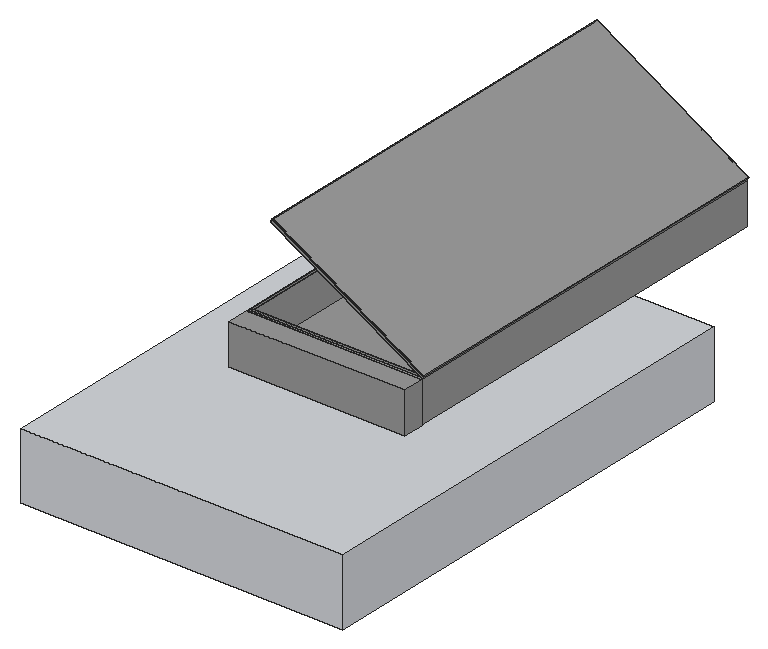
Revit family "Hager-Univers-IP54-D205-H1950-Cl.II-Encl-CH-fr", category Equipement électrique, Revit 2020
Family settings
  Hôte = Face
  Configuration du panneau = Deux colonnes, circuits au sein
  Cote de connecteur circulaire = Utiliser le diamètre
  Type d'élément = Tableau de raccordement
  Couper avec des vides une fois chargée = Non
  Partagée = Non
  Point de calcul de pièce = Non
Parameters (values of type "installation au sol IP54 L800 H1950 P205  - FP23SW2")
  Width Control [instance] = if([EF000008 - largeur] > Min Width, [EF000008 - largeur], Min Width)  # 800 mm
  Commentaires du type = [HG000003 - Gamme]  # "Univers"
  Thickness Door [instance] = if([EF009171 - épaisseur de matériau de la porte/du couvercle] > 3 mm, 3 mm, [EF009171 - épaisseur de matériau de la porte/du couvercle])  # 1 mm
  Seal Frame Offset [instance] = 17 mm  # constant formula
  Plinth Visibility [instance] = [HG000027 - Hauteur du socle] > 0 mm  # yes
  Model = ""
  Min Width [instance] = 100 mm  # constant formula
  Min Height [instance] = 100 mm  # constant formula
  Min Depth [instance] = (2 * [EF009170 - épaisseur de matériau du boîtier]) + 1 mm  # 3 mm
  Internal Frame Depth [instance] = (Door System Depth * 0.5)  # 9 mm
  Height Control [instance] = if([EF000040 - hauteur] > Min Height, [EF000040 - hauteur], Min Height)  # 1950 mm
  HG000027 - Hauteur du socle = 100 mm
  HG000026 - Installation au sol = yes
  HG000024 - Hauteur de la section basse = 800 mm
  HG000023 - Armoire double section = no
  HG000016 - Visibilité de la porte 3D [instance] = yes
  HG000015 - Visibilité de l'emprise de la porte [instance] = no
  HG000014 - Porte à droite [instance] = yes
  HG000013 - Porte à gauche [instance] = not([HG000014 - Porte à droite])  # no
  HG000012 - Angle de pivotement de la porte [instance] = 30.00°
  HG000010 - Portes asymétriques = no
  HG000009 - Porte à double battant = no
  HG000006 - Encastré = no
  HG000004 - Référence fabricant = "FP23SW2"
  HG000003 - Gamme = "Univers"
  HG000002 - avec porte = yes
  Frame Offset Bottom [instance] = 10 mm  # constant formula
  Frame Offset [instance] = 15 mm  # constant formula
  EF015940 - couvercle avec décharge de pression = no
  EF011959 - degré de protection (NEMA) = ""
  EF009554 - nombre d'ouvertures pour plaques à bride = 6
  Fabricant = "Hager"  # constant formula
  EF009212 - finition du couvercle = "EV000116 - fermé"
  EF009171 - épaisseur de matériau de la porte/du couvercle = 1 mm
  EF009170 - épaisseur de matériau du boîtier = 1 mm
  EF008873 - courant nominal (In) = 400 A
  EF007800 - adapté à un parafoudre = no
  EF006306 - avec serrure = no
  EF006244 - couvercle/porte transparent(e) = no
  EF005474 - indice de protection (IP) = "EV006419 - IP54"
  EF004464 - type de porte = "EV002646 - unique"
  EF004427 - nombre de modules = 432
  EF004293 - indice de protection contre les chocs (IK) = "EV006815 - IK09"
  EF003532 - convient pour utilisation à l’extérieur = no
  EF002950 - largeur en nombre de modules = 36
  EF001613 - maintien de fonction = "EV000494 - sans"
  EF001596 - matériau du boîtier/corps = "EV000179 - acier"
  EF001131 - profondeur intérieure = 143 mm
  EF001088 - possibilité de montage en saillie = yes
  EF000437 - nombre d'entrées de conduit = 6
  EF000339 - type de capot = "EV001012 - couvercle"
  EF000266 - nombre de rangées = 12
  EF000218 - profondeur d'encastrement = 0 mm
  EF000118 - avec cadre/support de montage = no
  EF000116 - numéro RAL = "9010"
  EF000049 - profondeur = 205 mm
  EF000040 - hauteur = 1950 mm
  EF000008 - largeur = 800 mm
  EF000007 - couleur = "EV000202 - blanc"
  EF000003 - mode de pose = "EV012274 - installation au sol"
  Door System Leaf Tolerance [instance] = 1.5 mm  # constant formula
  Door System Depth [instance] = 18 mm  # constant formula
  Door Height [instance] = Height Control - [HG000027 - Hauteur du socle]  # 1850 mm
  Depth Control [instance] = if([EF000049 - profondeur] > Min Depth, [EF000049 - profondeur], Min Depth)  # 205 mm
  Default Elevation = 0 mm
  Connector Offset [instance] = Height Control / 2  # 975 mm
  Bottom Top Plate Trim [instance] = 1.5 mm  # constant formula
  Plinth height Ctrl [instance] = if([HG000027 - Hauteur du socle] > 0 mm, [HG000027 - Hauteur du socle], 12 mm)  # 100 mm
Types (5, lengths in mm): name | Width Control | HG000010 - Portes asymétriques | HG000009 - Porte à double battant | HG000004 - Référence fabricant | EF009554 - nombre d'ouvertures pour plaques à bride | EF008873 - courant nominal (In) | EF004464 - type de porte | EF004427 - nombre de modules | EF002950 - largeur en nombre de modules | EF001131 - profondeur intérieure | EF000437 - nombre d'entrées de conduit | EF000008 - largeur
  installation au sol IP54 L1050 H1950 P205  - FP24SW2 | 1050 | no | yes | "FP24SW2" | 8 | 400 A | "EV003602 - double" | 576 | 48 | 143 | 8 | 1050
  installation au sol IP54 L1300 H1950 P205  - FP25SW2 | 1300 | yes | yes | "FP25SW2" | 10 | 400 A | "EV003602 - double" | 720 | 60 | 130 | 10 | 1300
  installation au sol IP54 L300 H1950 P205  - FP21SW2 | 300 | no | no | "FP21SW2" | 2 | 250 A | "EV002646 - unique" | 144 | 12 | 143 | 2 | 300
  installation au sol IP54 L550 H1950 P205  - FP22SW2 | 550 | no | no | "FP22SW2" | 4 | 400 A | "EV002646 - unique" | 288 | 24 | 143 | 4 | 550
  installation au sol IP54 L800 H1950 P205  - FP23SW2 | 800 | no | no | "FP23SW2" | 6 | 400 A | "EV002646 - unique" | 432 | 36 | 143 | 6 | 800
Reference planes
  plane 1 "Center (Front/Back)": y = 0
  plane 2: z = 0
  plane 3 "Center (Left/Right)": x = 0
  plane 4: z = 205
  plane 5: y = 101
  plane 6: y = 1025
  plane 7: y = 100
  plane 8: y = 1950
  plane 9: z = 0
  plane 10: x = -385
  plane 11: x = 385
  plane 12: x = 384
  plane 13: x = -384
  plane 14: y = 1949
  plane 15: x = -383
  plane 16: x = -400
  plane 17: x = 383
  plane 18: x = 400
  plane 19: x = 399
  plane 20: x = -399
  plane 21: y = 111
  plane 22: y = 1950
  plane 23: y = 1934
  plane 24: z = 187
  plane 25: z = 1
  plane 26: z = 186
  plane 27: z = 204
Forms (mm)
  Extrusion 1, solid
    sketch origin (0, 0, 0) x (1, 0, 0) y (0, 1, 0)
      loop
        line (-702.964, 1305) -> (-702.964, -811.445) -> (766.763, -811.445) -> (766.763, 1305) -> (-702.964, 1305)
    from 0 to -304.8
  Extrusion 2, solid, material "Hager_Steel_RAL7035_Light_Grey", visible <- "Plinth Visibility", detail levels medium+fine
    sketch origin (0, 0, 0) x (1, 0, 0) y (0, 1, 0)
      loop
        line (-400, 0) -> (400, 0) -> (400, 100) -> (-400, 100) -> (-400, 0)
    from 0 to 187
  Extrusion 3, solid, material "Hager_Steel_RAL7035_Light_Grey", detail levels medium+fine
    sketch origin (0, 0, 0) x (1, 0, 0) y (0, 1, 0)
      loop
        line (-400, 100) -> (400, 100) -> (400, 1950) -> (-400, 1950) -> (-400, 100)
    from 0 to 187
  Extrusion 4, void
    sketch origin (0, 0, 0) x (1, 0, 0) y (0, 1, 0)
      loop
        line (-399, 101) -> (399, 101) -> (399, 1949) -> (-399, 1949) -> (-399, 101)
    from 1 to 186
  Extrusion 5, void
    sketch origin (-381.607, -4572, 187) x (0, -1, 0) y (-1, 0, 0)
      loop
        line (-4683, 2.393) -> (-6506, 2.393) -> (-6506, -765.607) -> (-4683, -765.607) -> (-4683, 2.393)
    from 0 to 1 <- "EF009170 - épaisseur de matériau du boîtier"
  Extrusion 6, solid, material "Hager_Steel_RAL7035_Light_Grey", detail levels fine
    sketch origin (0, 0, 187) x (1, 0, 0) y (0, 1, 0)
      loop
        line (-384, 1934) -> (-384, 111) -> (384, 111) -> (384, 1934) -> (-384, 1934)
      loop
        line (-385, 110) -> (385, 110) -> (385, 1935) -> (-385, 1935) -> (-385, 110)
    from 0 to 9 <- "Internal Frame Depth"
  Extrusion 7, solid, material "Hager_Steel_RAL7035_Light_Grey", detail levels coarse
    sketch origin (0, 0, 0) x (1, 0, 0) y (0, 1, 0)
      loop
        line (-400, 0) -> (400, 0) -> (400, 1950) -> (-400, 1950) -> (-400, 0)
    from 0 to 205
  Sweep 8, void
    path in 3D
      loop
        line (-400, 100, 0) -> (400, 100, 0) -> (400, 100, 187) -> (-400, 100, 187) -> (-400, 100, 0)
    profile origin (-400, 100, 93.5) x (-1, 0, 0) y (0, -1, 0)
      loop
        line (0, 0) -> (0, 1.5) -> (-1.5, 1.5)
        arc (-1.5, 1.5) -> (-1.061, 0.439) -> (0, 0) r 1.5
Cuts and joins
  Extrusion 4, Extrusion 5 cuts Extrusion 3
  Sweep 8 cuts Extrusion 2
Lines and regions (mm)
  Masking region 1
    outline origin (0, 0, 0) x (1, 0, 0) y (0, 0, 1)
      loop
        line (-400, 205) -> (-400, 0) -> (400, 0) -> (400, 205) -> (-400, 205)
  Masking region 2, detail levels medium+fine
    outline origin (0, 140, 0) x (0, 1, 0) y (0, 0, 1)
      loop
        line (-40, 0) -> (1810, 0) -> (1810, 187) -> (-40, 187) -> (-40, 0)
  Masking region 3, not visible, detail levels medium+fine
    outline origin (0, 297.922, 0) x (0, 1, 0) y (0, 0, 1)
      loop
        line (738.578, 0) -> (778.578, 0) -> (778.578, 194)
        arc (778.578, 194) -> (775.649, 201.071) -> (768.578, 204) r 10
        line (768.578, 204) -> (738.578, 204) -> (738.578, 0)
  Masking region 4, detail levels coarse
    outline origin (0, 0, 180) x (0, 1, 0) y (0, 0, 1)
      loop
        line (0, -180) -> (1950, -180) -> (1950, 25) -> (0, 25) -> (0, -180)
  Masking region 5, visible <- "Plinth Visibility", detail levels medium+fine
    outline origin (0, 52.24, 12.345) x (0, 0, -1) y (0, 1, 0)
      loop
        line (10.845, 47.76) -> (-173.155, 47.76)
        arc (-173.155, 47.76) -> (-173.594, 46.699) -> (-174.655, 46.26) r 1.5
        line (-174.655, 46.26) -> (-174.655, -52.24) -> (12.345, -52.24) -> (12.345, 46.26)
        arc (12.345, 46.26) -> (11.285, 46.699) -> (10.845, 47.76) r 1.5
  Masking region 6, detail levels medium+fine
    outline origin (-381.607, -4572, 187) x (-1, 0, 0) y (0, -1, 0)
      loop
        line (18.393, -6522) -> (18.393, -4672) -> (-781.607, -4672) -> (-781.607, -6522) -> (18.393, -6522)
  Masking region 7, visible <- "Plinth Visibility", detail levels medium+fine
    outline origin (-381.607, -4727, 187) x (-1, 0, 0) y (0, -1, 0)
      loop
        arc (16.893, -4827) -> (17.332, -4825.939) -> (18.393, -4825.5) r 1.5
        line (18.393, -4825.5) -> (18.393, -4727) -> (-781.607, -4727) -> (-781.607, -4825.5)
        arc (-781.607, -4825.5) -> (-780.546, -4825.939) -> (-780.107, -4827) r 1.5
        line (-780.107, -4827) -> (16.893, -4827)
  Masking region 8, detail levels coarse
    outline origin (-442.548, -4669.526, 187) x (-1, 0, 0) y (0, -1, 0)
      loop
        line (-42.548, -6619.526) -> (-42.548, -4669.526) -> (-842.548, -4669.526) -> (-842.548, -6619.526) -> (-42.548, -6619.526)
  sketch lines
    curve 1: line (-400, 100, 187) -> (-400, 100, 0)
    curve 2: line (400, 100, 187) -> (-400, 100, 187)
    curve 3: line (400, 100, 187) -> (400, 100, 0)
    curve 4: line (-400, 100, 0) -> (400, 100, 0)
Dimensions and locks
  "Depth Control": plane 4 to Extrusion 1
  "HG000027 - Hauteur du socle": plane 1 "Center (Front/Back)" to plane 7
  "EF009170 - épaisseur de matériau du boîtier": plane 5 to plane 7
  locked: connector elem to plane 3 "Center (Left/Right)"
  equal spacing: plane 8, plane 6, plane 7
  locked: connector elem to plane 6
  "EF009170 - épaisseur de matériau du boîtier": plane 8 to plane 14
  "EF009170 - épaisseur de matériau du boîtier": plane 10 to plane 13
  "EF009170 - épaisseur de matériau du boîtier": plane 12 to plane 11
  "Frame Offset": plane 20 to plane 13
  "Frame Offset": plane 12 to plane 19
  "EF009170 - épaisseur de matériau du boîtier": plane 16 to plane 20
  "EF009170 - épaisseur de matériau du boîtier": plane 19 to plane 18
  "Seal Frame Offset": plane 16 to plane 15
  "Seal Frame Offset": plane 17 to plane 18
  "Frame Offset Bottom": plane 21 to plane 5
  "Frame Offset": plane 14 to plane 23
  equal spacing: plane 16, plane 3 "Center (Left/Right)", plane 18
  "Width Control": plane 16 to plane 18
  "EF009170 - épaisseur de matériau du boîtier": plane 4 to plane 27
  "EF009170 - épaisseur de matériau du boîtier": plane 24 to plane 26
  "EF009170 - épaisseur de matériau du boîtier": plane 25 to level
  "Door System Depth": plane 4 to plane 24
  "Height Control": plane 1 "Center (Front/Back)" to Extrusion 7 sketch curve
  "Height Control": Masking region 4 sketch curve to plane 1 "Center (Front/Back)"
  "Height Control": plane 1 "Center (Front/Back)" to plane 22
  "Bottom Top Plate Trim": profile plane to Sweep 8 sketch curve
  "Bottom Top Plate Trim": Sweep 8 sketch curve to profile plane
  "Plinth height Ctrl": plane 1 "Center (Front/Back)" to Extrusion 2 sketch curve
  "Plinth height Ctrl": Masking region 5 sketch curve to plane 1 "Center (Front/Back)"
  "Plinth height Ctrl": plane 1 "Center (Front/Back)" to Masking region 7 sketch curve
  "Thickness Door": Extrusion 6 sketch curve to Extrusion 6 sketch curve  (x3)
  "Thickness Door": cut or joined group of Extrusion 3, Extrusion 4, Extrusion 5 to Extrusion 6 sketch curve
  radius of Masking region 3 sketch curve = 10 mm
  "Bottom Top Plate Trim": radius of Masking region 5 sketch curve  (x2)
  "Bottom Top Plate Trim": radius of Sweep 8 sketch curve
  "Bottom Top Plate Trim": radius of Masking region 7 sketch curve  (x2)
  aligned and locked: plane 2 to Extrusion 1
  aligned and locked: level to Extrusion 1
  aligned and locked: level to Masking region 1 sketch curve
  aligned and locked: Masking region 1 sketch curve to plane 18
  aligned and locked: Masking region 1 sketch curve to plane 16
  aligned and locked: plane 7 to Masking region 2 sketch curve
  aligned and locked: level to Masking region 3 sketch curve
  aligned and locked: Masking region 3 sketch curve to plane 27
  aligned and locked: level to Masking region 2 sketch curve
  aligned and locked: plane 1 "Center (Front/Back)" to Extrusion 2 sketch curve
  aligned and locked: Extrusion 3 sketch curve to plane 7
  aligned and locked: plane 16 to Extrusion 3 sketch curve
  aligned and locked: plane 18 to Extrusion 3 sketch curve
  aligned and locked: plane 20 to Extrusion 4 sketch curve
  aligned and locked: plane 19 to Extrusion 4 sketch curve
  aligned and locked: Extrusion 4 sketch curve to plane 5
  aligned and locked: Extrusion 4 to plane 25
  aligned and locked: plane 26 to Extrusion 4
  aligned and locked: plane 24 to Extrusion 3
  aligned and locked: Extrusion 5 sketch curve to plane 21
  aligned and locked: Extrusion 5 sketch curve to plane 13
  aligned and locked: Extrusion 5 sketch curve to plane 12
  aligned and locked: plane 18 to Extrusion 7 sketch curve
  aligned and locked: plane 1 "Center (Front/Back)" to Extrusion 7 sketch curve
  aligned and locked: plane 16 to Extrusion 7 sketch curve
  aligned and locked: plane 4 to Extrusion 7
  aligned and locked: Extrusion 7 to level
  aligned and locked: level to Masking region 4 sketch curve
  aligned and locked: Masking region 4 sketch curve to plane 1 "Center (Front/Back)"
  aligned and locked: Masking region 4 sketch curve to plane 4
  aligned and locked: nested 1 to level
  aligned and locked: nested 1 to plane 16
  aligned and locked: plane 8 to Extrusion 3 sketch curve
  aligned and locked: plane 23 to Extrusion 5 sketch curve
  aligned and locked: plane 14 to Extrusion 4 sketch curve
  aligned and locked: Masking region 2 sketch curve to plane 8
  aligned and locked: level to Masking region 5 sketch curve
  aligned and locked: plane 16 to Extrusion 2 sketch curve
  aligned and locked: plane 18 to Extrusion 2 sketch curve
  aligned and locked: Masking region 5 sketch curve to plane 24
  aligned and locked: Masking region 2 sketch curve to plane 24
  aligned and locked: plane 24 to Extrusion 2
  aligned and locked: profile plane to Sweep 8 sketch curve  (x2)
  aligned and locked: Masking region 6 sketch curve to plane 18
  aligned and locked: Masking region 6 sketch curve to plane 22
  aligned and locked: Masking region 6 sketch curve to plane 16
  aligned and locked: plane 8 to plane 22
  aligned and locked: Masking region 6 sketch curve to plane 7
  aligned and locked: Masking region 7 sketch curve to plane 16
  aligned and locked: Masking region 7 sketch curve to plane 1 "Center (Front/Back)"
  aligned and locked: Masking region 7 sketch curve to plane 18
  aligned and locked: Masking region 8 sketch curve to plane 1 "Center (Front/Back)"
  aligned and locked: Masking region 8 sketch curve to plane 18
  aligned and locked: Masking region 8 sketch curve to plane 22
  aligned and locked: Masking region 8 sketch curve to plane 16
  aligned and locked: nested 2 to plane 7
  aligned and locked: plane 3 "Center (Left/Right)" to nested 2
  aligned and locked: nested 2 to plane 24
  aligned and locked: Extrusion 6 sketch curve to cut or joined group of Extrusion 3, Extrusion 4, Extrusion 5  (x4)
Automatic sketch dimensions
  Extrusion 1 sketch curve to Extrusion 1 sketch curve = 1469.727 mm
  Extrusion 1 sketch curve to Extrusion 1 sketch curve = 2116.445 mm
  Masking region 1 sketch curve to plane 4 = 0 mm
  plane 6 to Masking region 3 sketch curve = 11.5 mm
  Masking region 3 sketch curve to Masking region 3 sketch curve = 30 mm
  Masking region 5 sketch curve to plane 1 "Center (Front/Back)" = 0 mm
Nested families
  nested 1: "Hager_Enclosure_Symbol" at (-400, 0, 0) x (1, 0, 0) z (0, -1, 0), Height <- "Depth Control", Width <- "Width Control", type "Hager_Enclosure_Symbol"
    with Width_Ctrl 800 mm, Width 800 mm, Height_Ctrl 205 mm, Height 205 mm, A_Width_Int 13.453 mm, A_Width 161.438 mm, A_Height_Ctrl 179.375 mm, A_Height 179.375 mm
  nested 2: "EC000058_Univers_Door" at (0, 100, 187) x (1, 0, 0) z (0, 1, 0), Leaf_Tolerance <- "Door System Leaf Tolerance", Angle <- "HG000012 - Angle de pivotement de la porte", Door_Depth <- "Door System Depth", Door_Left <- "HG000013 - Porte à gauche", Transparent <- "EF006244 - couvercle/porte transparent(e)", Assymetrical <- "HG000010 - Portes asymétriques", Width <- "Width Control", Clearance <- "HG000015 - Visibilité de l'emprise de la porte", Double <- "HG000009 - Porte à double battant", 3d_Door <- "HG000016 - Visibilité de la porte 3D", Lock_Visibility <- "EF006306 - avec serrure", Width_Ctrl <- "Width Control", Door_Right <- "HG000014 - Porte à droite", Door <- "HG000002 - avec porte", Height <- "Door Height", Thickness <- "Thickness Door", type "EC000058_Univers_Door", detail levels medium+fine
    with min_wh 3 mm, Width_Ctrl 800 mm, Width 800 mm, Transparent no, Thickness 1 mm, Seal_Material Hager_Rubber, Lock_Visibility no, Lock_Material Hager_Plastic_RAL9005_Jet_Black, Leaf_Width 800 mm, Leaf_Tolerance_External_Sides 0 mm, Leaf_Tolerance 1.5 mm, Leaf_Offset 0 mm, Leaf_Height 1847 mm, Leaf_2_Width 800 mm, Leaf_2_Offset 400 mm, Leaf_1_Width 800 mm, Leaf_1_Offset 400 mm, Height_Ctrl 1850 mm, Height 1850 mm, Glass_Material Hager_Glass, Double_Clearance_Ctrl no, Double no, Door_Right_Ctrl yes, Door_Right yes, Door_Material Hager_Steel_RAL7035_Light_Grey, Door_Left_Ctrl no, Door_Left no, Door_Depth 18 mm, Door yes, Clearance_Material Hager_Clearance, Clearance_Depth 800 mm, Clearance_Ctrl no, Clearance no, Assymetrical no, Angle 30.00°, 3d_Door yes
Connectors
  electrical at (0, 1025, 0)
    settings: on plane 9, index 1, voltage 0 V, apparent load 0 VA, apparent load phase1 0 VA, apparent load phase2 0 VA, apparent load phase3 0 VA, power factor 1, load classification "Other", number of poles 1, system type 30, power factor state 1, is connector primary yes, connector utility no, sub classification motor no, connector description ""
Definition of nested family "EC000058_Univers_Door"
  Parameters (values of type "EC000058_Univers_Door")
    min_wh [instance] = (2 * Thickness) + 1 mm  # 11 mm
    Width_Ctrl [instance] = 400 mm
    Width [instance] = 500 mm
    Transparent [instance] = yes
    Thickness [instance] = 5 mm
    Seal_Material [instance] = none
    Lock_Visibility [instance] = yes
    Lock_Material [instance] = none
    Leaf_Width [instance] = if((Width_Ctrl - 2 * Leaf_Tolerance_External_Sides) > 0 mm, (Width_Ctrl - 2 * Leaf_Tolerance_External_Sides), min_wh)  # 400 mm
    Leaf_Tolerance_External_Sides [instance] = 0 mm  # constant formula
    Leaf_Tolerance [instance] = 1.5 mm
    Leaf_Offset [instance] = 0 mm  # constant formula
    Leaf_Height [instance] = if((Height_Ctrl - 2 * Leaf_Tolerance) > 0 mm, (Height_Ctrl - 2 * Leaf_Tolerance), min_wh)  # 497 mm
    Leaf_2_Width [instance] = if(and(and(Double, Assymetrical), Door_Left), (Leaf_Width / 3) - (Leaf_Tolerance / 2), if(and(and(Double, Assymetrical), Door_Right), (Leaf_Width / 3) * 2 - (Leaf_Tolerance / 2), if(and(Double, not(Assymetrical)), (Leaf_Width / 2) - Leaf_Tolerance, Leaf_Width)))  # 400 mm
    Leaf_2_Offset [instance] = if(and(Double, Assymetrical), Leaf_2_Width / 2, if(and(Double, not(Assymetrical)), Leaf_Width / 4, Leaf_Width / 2))  # 200 mm
    Leaf_1_Width [instance] = if(and(and(Double, Assymetrical), Door_Right), (Leaf_Width / 3) - (Leaf_Tolerance / 2), if(and(and(Double, Assymetrical), Door_Left), (Width / 3) * 2 - (Leaf_Tolerance / 2), if(and(Double, not(Assymetrical)), (Leaf_Width / 2) - Leaf_Tolerance, Leaf_Width)))  # 400 mm
    Leaf_1_Offset [instance] = if(and(Double, Assymetrical), Leaf_1_Width / 2, if(and(Double, not(Assymetrical)), Leaf_Width / 4, Leaf_Width / 2))  # 200 mm
    Height_Ctrl [instance] = if(Height > min_wh, Height, min_wh)  # 500 mm
    Height [instance] = 500 mm
    Glass_Material [instance] = none
    Double_Clearance_Ctrl [instance] = and(Double, Clearance)  # no
    Double [instance] = no
    Door_Right_Ctrl [instance] = and(or(Door_Right, Double), Door)  # yes
    Door_Right [instance] = yes
    Door_Material [instance] = none
    Door_Left_Ctrl [instance] = and(or(Door_Left, Double), Door)  # no
    Door_Left [instance] = no
    Door_Depth [instance] = 30 mm
    Door [instance] = yes
    Default Elevation = 1219.2 mm
    Clearance_Material [instance] = none
    Clearance_Depth [instance] = if(Leaf_1_Width > Leaf_2_Width, Leaf_1_Width, Leaf_2_Width)  # 400 mm
    Clearance_Ctrl [instance] = and(not(Double), Clearance)  # yes
    Clearance [instance] = yes
    Assymetrical [instance] = yes
    Angle [instance] = 30.00°
    3d_Door [instance] = yes
  Reference planes
    plane 1 "Center (Front/Back)": y = 0
    plane 2 "Bottom": z = 0
    plane 3 "Center (Left/Right)": x = 0
    plane 4: z = 500
    plane 5: x = -200
    plane 6: x = 200
    plane 7: z = 500
    plane 8: x = -200
    plane 9: z = 0
    plane 10: x = 200
    plane 11: y = 0
    plane 12: z = 1.5
    plane 13: x = -600
    plane 14: y = -400
    plane 15: x = 600
    plane 16: x = 0
    plane 17: x = 0
    plane 18: x = -200
    plane 19: x = 200
    plane 20: z = 498.5
  Forms (mm)
    Extrusion 1, solid, material <- "Clearance_Material", visible <- "Double_Clearance_Ctrl"
      sketch origin (1200, 0, 0) x (1, 0, 0) y (0, 0, -1)
        loop
          line (-1800, -498.5) -> (-600, -498.5) -> (-600, 0) -> (-1800, 0) -> (-1800, -498.5)
      from 0 to -400
  Dimensions and locks
    equal spacing: plane 5, plane 3 "Center (Left/Right)", plane 6
    "Width_Ctrl": plane 5 to plane 6
    "Leaf_Offset": plane 5 to plane 8
    "Leaf_Offset": plane 6 to plane 10
    "Leaf_Offset": plane 9 to level
    "Leaf_Offset": plane 4 to plane 7
    "Height_Ctrl": plane 4 to level
    "Leaf_Tolerance": plane 12 to plane 9
    locked: plane 11 to plane 1 "Center (Front/Back)"
    "Leaf_1_Offset": plane 18 to plane 16
    "Leaf_2_Offset": plane 17 to plane 19
    "Leaf_1_Width": plane 13 to plane 8
    "Leaf_2_Width": plane 10 to plane 15
    "Clearance_Depth": plane 14 to plane 1 "Center (Front/Back)"
    "Leaf_Tolerance_External_Sides": plane 8 to plane 18
    "Leaf_Tolerance_External_Sides": plane 19 to plane 10
    "Leaf_Tolerance": plane 7 to plane 20
    aligned and locked: level to plane 2 "Bottom"
    aligned and locked: nested 1 to plane 16
    aligned and locked: nested 2 to plane 17
    aligned and locked: Extrusion 1 to plane 13
    aligned and locked: plane 15 to Extrusion 1
    aligned and locked: Extrusion 1 to plane 14
    aligned and locked: plane 12 to nested 1
    aligned and locked: nested 2 to plane 12
    aligned and locked: Extrusion 1 to plane 11
    aligned and locked: plane 20 to Extrusion 1
    aligned and locked: nested 2 to plane 11
    aligned and locked: nested 1 to plane 11
  Automatic sketch dimensions
    Extrusion 1 sketch curve to level = 0 mm
    plane 5 to Extrusion 1 sketch curve = 400 mm
    plane 6 to Extrusion 1 sketch curve = 400 mm
    Extrusion 1 sketch curve to plane 4 = 1.5 mm
  Nested families
    nested 1: "EC000058_Univers_Door_Leaf" at (0, 0, 1.5), Width <- "Leaf_1_Width", visible <- "Door_Left_Ctrl", Leaf_Height <- "Leaf_Height", Angle <- "Angle", 3d_Door <- "3d_Door", Transparent <- "Transparent", Clearance Material <- "Clearance_Material", Clearance <- "Clearance_Ctrl", Door_Material <- "Door_Material", Glass_Material <- "Glass_Material", Door_Depth <- "Door_Depth", Lock_Material <- "Lock_Material", Seal_Material <- "Seal_Material", Lock_Visibility <- "Lock_Visibility", Thickness <- "Thickness", type "EC000058_Univers_Door_Leaf"
      with Width 400 mm, Transparent_Glass_Offset 30 mm, Transparent_Ctrl yes, Transparent yes, Thickness 5 mm, Standard no, Seal_Material none, Seal_D2 8 mm, Seal_D1 1 mm, Offset_Internal_Frame 10 mm, Lock_Width 20 mm, Lock_Visibility_3d yes, Lock_Visibility yes, Lock_Thickness_3 3 mm, Lock_Thickness_2 1 mm, Lock_Thickness_1 3 mm, Lock_Radius_Offset_2 16 mm, Lock_Radius_Offset_1 15 mm, Lock_Radius_2 5 mm, Lock_Radius 6 mm, Lock_Offset 5 mm, Lock_Material none, Lock_Height 80 mm, Lock_Cover_Top_Offset_2d 17 mm, Lock_Cover_Height -65 mm, Leaf_Height 497 mm, Internal_Seal_Thickness 8 mm, Internal_Seal_Depth_2 4.5 mm, Internal_Frame_Depth 25 mm, Glass_Thickness -1 mm, Glass_Offset -2 mm, Glass_Material none, Door_Material none, Door_Depth 30 mm, Clearance Material none, Clearance yes, Angle_Ctrl 30.00°, Angle 30.00°, 3d_Door yes
    nested 2: "EC000058_Univers_Door_Leaf" at (0, 0, 1.5) x (-1, 0, 0) z (0, 0, 1), Width <- "Leaf_2_Width", visible <- "Door_Right_Ctrl", Leaf_Height <- "Leaf_Height", Angle <- "Angle", 3d_Door <- "3d_Door", Transparent <- "Transparent", Clearance Material <- "Clearance_Material", Clearance <- "Clearance_Ctrl", Door_Material <- "Door_Material", Glass_Material <- "Glass_Material", Door_Depth <- "Door_Depth", Lock_Material <- "Lock_Material", Seal_Material <- "Seal_Material", Lock_Visibility <- "Lock_Visibility", Thickness <- "Thickness", type "EC000058_Univers_Door_Leaf"
      with Width 400 mm, Transparent_Glass_Offset 30 mm, Transparent_Ctrl yes, Transparent yes, Thickness 5 mm, Standard no, Seal_Material none, Seal_D2 8 mm, Seal_D1 1 mm, Offset_Internal_Frame 10 mm, Lock_Width 20 mm, Lock_Visibility_3d yes, Lock_Visibility yes, Lock_Thickness_3 3 mm, Lock_Thickness_2 1 mm, Lock_Thickness_1 3 mm, Lock_Radius_Offset_2 16 mm, Lock_Radius_Offset_1 15 mm, Lock_Radius_2 5 mm, Lock_Radius 6 mm, Lock_Offset 5 mm, Lock_Material none, Lock_Height 80 mm, Lock_Cover_Top_Offset_2d 17 mm, Lock_Cover_Height -65 mm, Leaf_Height 497 mm, Internal_Seal_Thickness 8 mm, Internal_Seal_Depth_2 4.5 mm, Internal_Frame_Depth 25 mm, Glass_Thickness -1 mm, Glass_Offset -2 mm, Glass_Material none, Door_Material none, Door_Depth 30 mm, Clearance Material none, Clearance yes, Angle_Ctrl 30.00°, Angle 30.00°, 3d_Door yes
  Definition of nested family "EC000058_Univers_Door_Leaf"
    Parameters (values of type "EC000058_Univers_Door_Leaf")
      Width [instance] = 2000 mm
      Transparent_Glass_Offset [instance] = 30 mm
      Transparent_Ctrl [instance] = and(Transparent, [3d_Door])  # yes
      Transparent [instance] = yes
      Thickness [instance] = 5 mm
      Standard [instance] = and(not(Transparent), [3d_Door])  # no
      Seal_Material [instance] = none
      Seal_D2 [instance] = 8 mm  # constant formula
      Seal_D1 [instance] = 1 mm  # constant formula
      Offset_Internal_Frame [instance] = 10 mm  # constant formula
      Lock_Width [instance] = 20 mm  # constant formula
      Lock_Visibility_3d [instance] = and(Lock_Visibility, [3d_Door])  # yes
      Lock_Visibility [instance] = yes
      Lock_Thickness_3 [instance] = 3 mm  # constant formula
      Lock_Thickness_2 [instance] = 1 mm  # constant formula
      Lock_Thickness_1 [instance] = 3 mm  # constant formula
      Lock_Radius_Offset_2 [instance] = Lock_Radius_Offset_1 + 1 mm  # 16 mm
      Lock_Radius_Offset_1 [instance] = 15 mm  # constant formula
      Lock_Radius_2 [instance] = Lock_Radius - 1 mm  # 5 mm
      Lock_Radius [instance] = 6 mm  # constant formula
      Lock_Offset [instance] = 5 mm  # constant formula
      Lock_Material [instance] = none
      Lock_Height [instance] = 80 mm  # constant formula
      Lock_Cover_Top_Offset_2d [instance] = Lock_Radius_Offset_2 + 1 mm  # 17 mm
      Lock_Cover_Height [instance] = -(Lock_Height - Lock_Radius_Offset_1)  # -65 mm
      Leaf_Height [instance] = 2720.336 mm
      Internal_Seal_Thickness [instance] = 8 mm  # constant formula
      Internal_Seal_Depth_2 [instance] = 4.5 mm  # constant formula
      Internal_Frame_Depth [instance] = if(Door_Depth - Thickness > 5 mm, Door_Depth - Thickness, 5 mm)  # 25 mm
      Glass_Thickness [instance] = if(Thickness > 15 mm, Glass_Offset + 10 mm, -1 mm)  # -1 mm
      Glass_Offset [instance] = if(Thickness > 15 mm, -(Thickness + 10 mm) / 2, -2 mm)  # -2 mm
      Glass_Material [instance] = none
      Door_Material [instance] = none
      Door_Depth [instance] = 30 mm
      Default Elevation = 0 mm
      Clearance Material [instance] = none
      Clearance [instance] = yes
      Angle_Ctrl [instance] = if(Angle > 180.00°, 180.00°, Angle)  # 90.00°
      Angle [instance] = 90.00°
      3d_Door [instance] = yes
    Reference planes
      plane 1 "Center (Front/Back)": y = 0
      plane 2: z = 0
      plane 3 "Center (Left/Right)": x = 0
      plane 4: y = 2000
      plane 5: x = -1000
      plane 6: x = 1000
      plane 7: x = -3000
      plane 8: z = 2720.336
      plane 9: z = 30
      plane 10: z = 2690.336
      plane 11: x = 970
      plane 12: x = -970
      plane 13: y = -3
      plane 14: z = 107.833
      plane 15: y = -5
      plane 16: y = -223.314
      plane 17: x = -1000
      plane 18: z = 1360.168
      plane 19: y = 30
    Forms (mm)
      Extrusion 1, solid, material <- "Clearance Material", visible <- "Clearance"
        sketch origin (0, 0, 0) x (1, 0, 0) y (0, 0, 1)
          loop
            line (-3000, 2720.336) -> (-3000, 0) -> (1000, 0) -> (1000, 2720.336) -> (-3000, 2720.336)
        from 0 to -2000
      Extrusion 2, solid, material <- "Door_Material", visible <- "Standard", detail levels medium+fine
        sketch origin (-1000, 0, 0) x (0, 1, 0) y (-1, 0, 0)
          loop
            line (0, 30) -> (0, 25) -> (2000, 25) -> (2000, 30) -> (0, 30)
        from 0 to 2720.336 <- "Leaf_Height"
      Extrusion 3, solid, material <- "Door_Material", visible <- "Transparent_Ctrl", detail levels medium+fine
        sketch origin (-1000, 0, 0) x (0, 1, 0) y (-1, 0, 0)
          loop
            line (0, 25) -> (2000, 25) -> (2000, 30) -> (0, 30) -> (0, 25)
        from 0 to 2720.336 <- "Leaf_Height"
      Extrusion 4, void
        sketch origin (-1025, 2000, 0) x (0, 1, 0) y (0, 0, -1)
          loop
            line (-30, -2690.336) -> (-30, -30) -> (-1970, -30) -> (-1970, -2690.336) -> (-30, -2690.336)
        from 0 to 5 <- "Thickness"
      Sweep 5, solid, material <- "Seal_Material", visible <- "Transparent_Ctrl", detail levels fine
        path in 3D
          loop
            line (-1025, 30, 30) -> (-1025, 30, 2690.336) -> (-1025, 1970, 2690.336) -> (-1025, 1970, 30) -> (-1025, 30, 30)
        profile origin (-1025, 1000, 30) x (1, 0, 0) y (0, 0, 1)
          loop
            line (0, 0) -> (0, -8) -> (1, -8) -> (1, 0) -> (0, 0)
      Extrusion 6, solid, material <- "Glass_Material", visible <- "Transparent_Ctrl", detail levels medium+fine
        sketch origin (-1030, 0, 0) x (0, 1, 0) y (0, 0, -1)
          loop
            line (1970, -2690.336) -> (1970, -30) -> (30, -30) -> (30, -2690.336) -> (1970, -2690.336)
        from -2 <- "Glass_Offset" to -1 <- "Glass_Thickness"
      Extrusion 7, solid, material <- "Door_Material", visible <- "3d_Door", detail levels medium+fine
        sketch origin (-1025, 2000, 0) x (0, -1, 0) y (0, 0, -1)
          loop
            line (0, -2720.336) -> (2000, -2720.336) -> (2000, 0) -> (0, 0) -> (0, -2720.336)
          loop
            line (1995, -5) -> (5, -5) -> (5, -2715.336) -> (1995, -2715.336) -> (1995, -5)
        from 0 to 25 <- "Internal_Frame_Depth"
      Sweep 8, solid, material <- "Seal_Material", visible <- "Transparent_Ctrl", detail levels fine
        path in 3D
          loop
            line (-1025, 0, 0) -> (-1025, 2000, 0) -> (-1025, 2000, 2720.336) -> (-1025, 0, 2720.336) -> (-1025, 0, 0)
        profile origin (-1025, 0, 1360.168) x (1, 0, 0) y (0, 1, 0)
          loop
            line (0, 10) -> (2.975, 10)
            arc (2.975, 10) -> (4.053, 10.447) -> (4.5, 11.525) r 1.525
            line (4.5, 11.525) -> (4.5, 16.527)
            arc (4.5, 16.527) -> (4.069, 17.569) -> (3.027, 18) r 1.473
            line (3.027, 18) -> (0, 18) -> (0, 10)
      Extrusion 9, solid, material <- "Lock_Material", visible <- "Lock_Visibility_3d", detail levels fine
        sketch origin (-1030, 0, 0) x (0, 1, 0) y (0, 0, -1)
          loop
            arc (1993.5, -1400.168) -> (1994.561, -1399.729) -> (1995, -1398.668) r 1.5
            line (1995, -1398.668) -> (1995, -1320.168) -> (1975, -1320.168) -> (1975, -1398.668)
            arc (1975, -1398.668) -> (1975.439, -1399.729) -> (1976.5, -1400.168) r 1.5
            line (1976.5, -1400.168) -> (1993.5, -1400.168)
        from 3 <- "Lock_Thickness_1" to 0
      Blend 10, solid, material <- "Lock_Material", visible <- "Lock_Visibility_3d", detail levels fine
        base sketch origin (-1033, 0, 0) x (0, 1, 0) y (0, 0, -1)
          loop
            line (1975, -1320.168) -> (1975, -1398.668)
            arc (1975, -1398.668) -> (1975.439, -1399.729) -> (1976.5, -1400.168) r 1.5
            line (1976.5, -1400.168) -> (1993.5, -1400.168)
            arc (1993.5, -1400.168) -> (1994.561, -1399.729) -> (1995, -1398.668) r 1.5
            line (1995, -1398.668) -> (1995, -1320.168) -> (1975, -1320.168)
        top sketch origin (-1033, 0, 0) x (0, 1, 0) y (0, 0, -1)
          loop
            line (1976, -1320.168) -> (1976, -1398.668)
            arc (1976, -1398.668) -> (1976.146, -1399.022) -> (1976.5, -1399.168) r 0.5
            line (1976.5, -1399.168) -> (1993.5, -1399.168)
            arc (1993.5, -1399.168) -> (1993.854, -1399.022) -> (1994, -1398.668) r 0.5
            line (1994, -1398.668) -> (1994, -1320.168) -> (1976, -1320.168)
        from 0 to 1 <- "Lock_Thickness_2"
      Blend 11, solid, material <- "Lock_Material", visible <- "Lock_Visibility_3d", detail levels fine
        base sketch origin (-1034, 0, 0) x (0, 1, 0) y (0, 0, -1)
          loop
            line (1978, -1320.168) -> (1978, -1384.168)
            arc (1978, -1384.168) -> (1985, -1391.168) -> (1992, -1384.168) r 7
            line (1992, -1384.168) -> (1992, -1320.168) -> (1978, -1320.168)
        top sketch origin (-1034, 0, 0) x (0, 1, 0) y (0, 0, -1)
          loop
            line (1991, -1320.168) -> (1979, -1320.168) -> (1979, -1383.168)
            arc (1979, -1383.168) -> (1985, -1389.168) -> (1991, -1383.168) r 6
            line (1991, -1383.168) -> (1991, -1320.168)
        from 0 to 3 <- "Lock_Thickness_3"
      Extrusion 12, solid, material <- "Lock_Material", visible <- "Lock_Visibility_3d", detail levels fine
        sketch origin (-1030, 1975, 1320.168) x (1, 0, 0) y (0, -1, 0)
          loop
            line (-7, -19) -> (-7, -1) -> (0, -1) -> (0, 0) -> (-8, 0) -> (-8, -20) -> (0, -20) -> (0, -19) -> (-7, -19)
        from 0 to -65 <- "Lock_Cover_Height"
      Extrusion 13, void
        sketch origin (-1038, 1995, 1320.168) x (-1, 0, 0) y (0, 0, -1)
          loop
            line (-5, -65) -> (0, -65) -> (-5, -60) -> (-5, -65)
        from 0 to 20 <- "Lock_Width"
      Extrusion 14, void
        sketch origin (-1038, 1975, 1320.168) x (0, -1, 0) y (0, 0, -1)
          loop
            circle (-10, -15.995) r 6
          loop
            circle (-10, -15.995) r 5
        from 0 to 2
      Extrusion 15, solid, material <- "Lock_Material", visible <- "Lock_Visibility_3d", detail levels medium
        sketch origin (-1030, 0, 0) x (0, 1, 0) y (0, 0, -1)
          loop
            arc (1993.5, -1400.168) -> (1994.561, -1399.729) -> (1995, -1398.668) r 1.5
            line (1995, -1398.668) -> (1995, -1320.168) -> (1975, -1320.168) -> (1975, -1398.668)
            arc (1975, -1398.668) -> (1975.439, -1399.729) -> (1976.5, -1400.168) r 1.5
            line (1976.5, -1400.168) -> (1993.5, -1400.168)
        from 8 to 0
    Cuts and joins
      Extrusion 4 cuts Extrusion 3
      Extrusion 13, Extrusion 14 cuts Extrusion 9
      Extrusion 14 cuts Blend 11
      Extrusion 13, Extrusion 14 cuts Extrusion 12
      joined: Extrusion 9, Blend 10, Blend 11, Extrusion 12
      Extrusion 14 cuts Extrusion 15
    Lines and regions (mm)
      Masking region 1, visible <- "Lock_Visibility", detail levels fine
        outline origin (0, 0, 0) x (0, 1, 0) y (0, 0, 1)
          loop
            line (30, 1320.168) -> (33, 1320.168) -> (33, 1400.168) -> (30, 1400.168) -> (30, 1320.168)
      Masking region 2, visible <- "Lock_Visibility", detail levels fine
        outline origin (0, 3.143, 0) x (0, 1, 0) y (0, 0, 1)
          loop
            line (29.857, 1354.168) -> (30.857, 1354.168) -> (30.857, 1366.168) -> (29.857, 1366.168) -> (29.857, 1354.168)
      Masking region 3, detail levels medium+fine
        outline origin (0, 0, 0) x (0, 1, 0) y (0, 0, 1)
          loop
            line (0, 0) -> (30, 0) -> (30, 2720.336) -> (0, 2720.336) -> (0, 0)
      Masking region 4, detail levels medium+fine
        outline origin (0, 0, 0) x (1, 0, 0) y (0, 0, 1)
          loop
            line (-1000, 2720.336) -> (-1000, 0) -> (1000, 0) -> (1000, 2720.336) -> (-1000, 2720.336)
      Masking region 5, visible <- "Lock_Visibility", detail levels fine
        outline origin (-47.116, 0, 0) x (1, 0, 0) y (0, 0, 1)
          loop
            arc (1024.616, 1399.168) -> (1023.556, 1398.729) -> (1023.116, 1397.668) r 1.5
            line (1023.116, 1397.668) -> (1023.116, 1320.168) -> (1041.116, 1320.168) -> (1041.116, 1397.668)
            arc (1041.116, 1397.668) -> (1040.677, 1398.729) -> (1039.616, 1399.168) r 1.5
            line (1039.616, 1399.168) -> (1024.616, 1399.168)
      Masking region 6, visible <- "Lock_Visibility", detail levels medium+fine
        outline origin (-25, 0, 0) x (1, 0, 0) y (0, 0, 1)
          loop
            arc (1001.5, 1400.168) -> (1000.439, 1399.729) -> (1000, 1398.668) r 1.5
            line (1000, 1398.668) -> (1000, 1320.168) -> (1020, 1320.168) -> (1020, 1398.668)
            arc (1020, 1398.668) -> (1019.561, 1399.729) -> (1018.5, 1400.168) r 1.5
            line (1018.5, 1400.168) -> (1001.5, 1400.168)
      Masking region 7, visible <- "Lock_Visibility", detail levels fine
        outline origin (-73.735, 0, 0) x (1, 0, 0) y (0, 0, 1)
          loop
            line (1051.735, 1382.168) -> (1065.735, 1382.168) -> (1065.735, 1384.168)
            arc (1065.735, 1384.168) -> (1058.735, 1391.168) -> (1051.735, 1384.168) r 7
            line (1051.735, 1384.168) -> (1051.735, 1382.168)
      Masking region 8, visible <- "Lock_Visibility", detail levels fine
        outline origin (-73.735, 0, 0) x (1, 0, 0) y (0, 0, 1)
          loop
            line (1052.735, 1382.168) -> (1064.735, 1382.168) -> (1064.735, 1383.168)
            arc (1064.735, 1383.168) -> (1058.735, 1389.168) -> (1052.735, 1383.168) r 6
            line (1052.735, 1383.168) -> (1052.735, 1382.168)
      Masking region 9, visible <- "Lock_Visibility", detail levels fine
        outline origin (-25, 0, 0) x (1, 0, 0) y (0, 0, 1)
          loop
            line (1020, 1320.168) -> (1020, 1382.168) -> (1000, 1382.168) -> (1000, 1320.168) -> (1020, 1320.168)
      Masking region 10, detail levels medium+fine
        outline origin (0, 0, 0) x (1, 0, 0) y (0, 0, 1)
          loop
            circle (985, 1335.144) r 6
      Masking region 11, detail levels fine
        outline origin (0, 0, 0) x (1, 0, 0) y (0, 0, 1)
          loop
            circle (985, 1335.144) r 5
      Masking region 12, visible <- "Lock_Visibility", detail levels fine
        outline origin (0, 12.767, 0) x (0, 1, 0) y (0, 0, 1)
          loop
            line (20.233, 1320.168) -> (21.233, 1320.168) -> (21.233, 1399.168) -> (20.233, 1400.168) -> (20.233, 1320.168)
      Masking region 13, visible <- "Lock_Visibility", detail levels fine
        outline origin (0, 13.767, -10) x (0, 1, 0) y (0, 0, 1)
          loop
            line (20.233, 1330.168) -> (23.233, 1330.168) -> (23.233, 1399.168) -> (20.233, 1402.168) -> (20.233, 1330.168)
      Masking region 14, visible <- "Lock_Visibility", detail levels fine
        outline origin (0, 12.767, -10) x (0, 1, 0) y (0, 0, 1)
          loop
            line (20.233, 1330.168) -> (25.233, 1330.168) -> (25.233, 1399.305) -> (20.233, 1394.305) -> (20.233, 1330.168)
      Masking region 15, visible <- "Lock_Visibility", detail levels medium
        outline origin (0, 0, 0) x (0, 1, 0) y (0, 0, 1)
          loop
            line (30, 1320.168) -> (38, 1320.168) -> (38, 1400.168) -> (30, 1400.168) -> (30, 1320.168)
      Masking region 16, visible <- "Lock_Visibility", detail levels fine
        outline origin (-1000, 0, 0) x (0, 1, 0) y (-1, 0, 0)
          loop
            line (1975, 30) -> (1995, 30) -> (1995, 38) -> (1975, 38) -> (1975, 30)
          loop
            line (1979, 37) -> (1976, 37) -> (1976, 34) -> (1978, 34) -> (1979, 37)
          loop
            line (1994, 37) -> (1991, 37) -> (1992, 34) -> (1994, 34) -> (1994, 37)
      Masking region 17, visible <- "Lock_Visibility", detail levels medium
        outline origin (-1000, 0, 0) x (0, 1, 0) y (-1, 0, 0)
          loop
            line (1975, 30) -> (1995, 30) -> (1995, 38) -> (1975, 38) -> (1975, 30)
      symbolic lines
        curve 1: line (1000, 0, 0) -> (-3000, 0, 0)
        curve 2: arc (1000, 0, 0) -> (-1000, 2000, 0) -> (-3000, 0, 0) r 2000
        curve 4: line (-1030, 0, 0) -> (-1030, 2000, 0)
      reference lines
        curve 3: line (-1000, 0, 0) -> (-1000, 2000, 0)
      symbolic lines, detail levels medium+fine
        curve 5: line (-1030, 2000, 0) -> (-1025, 2000, 0)
        curve 7: line (-1025, 0, 0) -> (-1030, 0, 0)
        curve 8: line (-1025, 0, 0) -> (-1000, 0, 0)
        curve 9: line (-1000, 0, 0) -> (-1000, 2000, 0)
        curve 10: line (-1000, 2000, 0) -> (-1025, 2000, 0)
      symbolic lines, detail levels fine
        curve 6: line (-1025, 2000, 0) -> (-1025, 0, 0)
      sketch lines
        curve 11: line (-1025, 0, 2720.336) -> (-1025, 0, 0)
        curve 12: line (-1025, 2000, 0) -> (-1025, 0, 0)
        curve 13: line (-1025, 2000, 2720.336) -> (-1025, 2000, 0)
        curve 14: line (-1025, 0, 2720.336) -> (-1025, 2000, 2720.336)
        curve 15: line (-1025, 1970, 30) -> (-1025, 30, 30)
        curve 16: line (-1025, 30, 30) -> (-1025, 30, 2690.336)
        curve 17: line (-1025, 1970, 2690.336) -> (-1025, 1970, 30)
        curve 18: line (-1025, 30, 2690.336) -> (-1025, 1970, 2690.336)
      symbolic lines, visible <- "Transparent", detail levels medium+fine
        curve 19: line (-970, 0, 2690.336) -> (970, 0, 2690.336)
        curve 20: line (-970, 0, 30) -> (-970, 0, 2690.336)
        curve 21: line (970, 0, 30) -> (-970, 0, 30)
        curve 22: line (970, 0, 2690.336) -> (970, 0, 30)
    Dimensions and locks
      "Width": plane 1 "Center (Front/Back)" to plane 4
      equal spacing: plane 5, plane 3 "Center (Left/Right)", plane 6
      "Width": plane 5 to plane 6
      "Width": plane 7 to plane 5
      "Leaf_Height": plane 8 to level
      "Width": curve 5 to curve 3
      "Width": curve 3 to curve 3
      plane 8 to plane 10 = 30 mm
      plane 9 to level = 30 mm
      plane 12 to plane 5 = 30 mm
      plane 6 to plane 11 = 30 mm
      Extrusion 1 to Extrusion 4 sketch curve = 30 mm
      "Transparent_Glass_Offset": curve 3 to Extrusion 4 sketch curve
      "Transparent_Glass_Offset": Extrusion 4 sketch curve to cut or joined group of Extrusion 3, Extrusion 4  (x2)
      cut or joined group of Extrusion 3, Extrusion 4 to Extrusion 6 sketch curve = 30 mm
      "Transparent_Glass_Offset": cut or joined group of Extrusion 3, Extrusion 4 to Extrusion 4 sketch curve
      "Thickness": curve 6 to curve 4
      "Thickness": Extrusion 7 sketch curve to Extrusion 7 sketch curve  (x4)
      "Door_Depth": curve 4 to curve 3
      "Offset_Internal_Frame": profile plane to Sweep 8 sketch curve
      "Internal_Seal_Thickness": Sweep 8 sketch curve to Sweep 8 sketch curve
      "Internal_Seal_Depth_2": profile plane to Sweep 8 sketch curve
      "Seal_D1": profile plane to Sweep 5 sketch curve
      "Seal_D2": profile plane to Sweep 5 sketch curve
      "Thickness": Extrusion 2 sketch curve to Extrusion 2 sketch curve
      equal spacing: Extrusion 9 sketch curve, plane 18, Extrusion 9 sketch curve  (x2)
      equal spacing: Masking region 1 sketch curve, plane 18, Masking region 1 sketch curve
      "Lock_Height": Masking region 1 sketch curve to Masking region 1 sketch curve
      "Lock_Radius": Masking region 2 sketch curve to plane 18 to Masking region 2 sketch curve
      Masking region 2 sketch curve to Masking region 1 = 1 mm
      "Door_Depth": plane 19 to plane 1 "Center (Front/Back)"
      "Lock_Thickness_1": Masking region 1 sketch curve to plane 19
      "Lock_Width": Extrusion 9 sketch curve to Extrusion 9 sketch curve
      "Lock_Height": Extrusion 9 sketch curve to Extrusion 9 sketch curve
      "Lock_Offset": cut or joined group of Extrusion 3, Extrusion 4 to Extrusion 9 sketch curve
      equal spacing: plane 8, plane 18, level
      "Lock_Radius_Offset_1": Blend 11 sketch curve to Blend 10
      locked: Blend 10 to Blend 11 sketch curve at 2  (x2)
      locked: var sketch to Blend 11 sketch curve at 1  (x2)
      "Lock_Radius_Offset_2": Blend 11 sketch curve to Blend 10
      locked: Extrusion 12 sketch curve to Extrusion 12 sketch curve at 1  (x3)
      Masking region 6 sketch curve to Masking region 6 sketch curve = 80 mm
      "Lock_Height": Masking region 6 sketch curve to Masking region 6 sketch curve
      "Lock_Width": Masking region 6 sketch curve to Masking region 6 sketch curve
      locked: Masking region 6 to Masking region 5 sketch curve at 1  (x3)
      locked: Masking region 5 to Masking region 7 sketch curve at 2  (x2)
      "Lock_Radius_Offset_1": Masking region 5 to Masking region 7 sketch curve
      "Lock_Radius_Offset_2": Masking region 5 to Masking region 8 sketch curve
      locked: Masking region 7 to Masking region 8 sketch curve at 1  (x2)
      "Lock_Cover_Top_Offset_2d": Masking region 5 to Masking region 9 sketch curve
      equal spacing: Masking region 9, Masking region 10 sketch curve, Masking region 9
      equal spacing: Masking region 9, Masking region 11 sketch curve, Masking region 9
      Extrusion 15 sketch curve to Extrusion 15 sketch curve = 80 mm
      "Lock_Width": Extrusion 15 sketch curve to Extrusion 15 sketch curve
      "Lock_Height": Extrusion 15 sketch curve to Extrusion 15 sketch curve
      equal spacing: Extrusion 15 sketch curve, plane 18, Extrusion 15 sketch curve
      "Lock_Thickness_3": Masking region 13 sketch curve to Masking region 13 sketch curve
      "Lock_Height": Masking region 12 sketch curve to Masking region 12 sketch curve
      locked: Masking region 13 sketch curve to Masking region 1 at 8
      locked: Masking region 14 sketch curve to Masking region 13 at 1
      locked: Masking region 14 sketch curve to Masking region 1 at 10.863
      "Lock_Height": Masking region 15 sketch curve to Masking region 15 sketch curve
      "Lock_Offset": Extrusion 15 sketch curve to cut or joined group of Extrusion 3, Extrusion 4
      "Lock_Offset": plane 6 to Masking region 6 sketch curve
      radius of Sweep 8 sketch curve = 1.525 mm
      radius of Sweep 8 sketch curve = 1.473 mm
      radius of Extrusion 9 sketch curve = 1.5 mm  (x2)
      "Lock_Radius": radius of Extrusion 14 sketch curve
      "Lock_Radius_2": radius of Extrusion 14 sketch curve
      "Lock_Radius": radius of Masking region 10 sketch curve
      "Lock_Radius_2": radius of Masking region 11 sketch curve
      radius of Extrusion 15 sketch curve = 1.5 mm  (x2)
      "Angle_Ctrl": angle plane 1 "Center (Front/Back)" to curve 3
      locked: Masking region 12 sketch curve to Masking region 12 sketch curve (angle 45.00°)
      locked: Masking region 13 sketch curve to Masking region 13 sketch curve (angle 45.00°)
      locked: Masking region 14 sketch curve to Masking region 14 sketch curve (angle 45.00°)
      aligned and locked: level to plane 2
      aligned and locked: Extrusion 1 to curve 1
      aligned and locked: plane 6 to Extrusion 1
      aligned and locked: Extrusion 1 to plane 1 "Center (Front/Back)"
      aligned and locked: plane 4 to Extrusion 1
      aligned and locked: plane 8 to Extrusion 1
      aligned and locked: curve 7 to Extrusion 2 sketch curve
      aligned and locked: curve 5 to Extrusion 2 sketch curve
      aligned and locked: curve 7 to Extrusion 3 sketch curve
      aligned and locked: Extrusion 3 sketch curve to curve 4
      aligned and locked: Extrusion 3 sketch curve to curve 6
      aligned and locked: Extrusion 3 sketch curve to curve 5
      aligned and locked: curve 9 to curve 3
      aligned and locked: Extrusion 7 sketch curve to cut or joined group of Extrusion 3, Extrusion 4  (x4)
      aligned and locked: plane 17 to curve 3
      aligned and locked: plane 1 "Center (Front/Back)" to curve 3
      aligned and locked: plane 17 to plane 5
      aligned and locked: Sweep 8 sketch curve to profile plane
      aligned and locked: Sweep 5 sketch curve to profile plane  (x2)
      aligned and locked: Masking region 1 to Masking region 2 sketch curve
      aligned and locked: plane 19 to Masking region 1 sketch curve
      aligned and locked: plane 1 "Center (Front/Back)" to Masking region 3 sketch curve
      aligned and locked: plane 19 to Masking region 3 sketch curve
      aligned and locked: level to Masking region 3 sketch curve
      aligned and locked: Masking region 3 sketch curve to plane 8
      aligned and locked: plane 17 to Masking region 4 sketch curve
      aligned and locked: level to Masking region 4 sketch curve
      aligned and locked: Masking region 4 sketch curve to plane 8
      aligned and locked: plane 12 to curve 20
      aligned and locked: plane 10 to curve 19
      aligned and locked: plane 11 to curve 22
      aligned and locked: curve 21 to plane 9
      aligned and locked: Extrusion 2 sketch curve to cut or joined group of Extrusion 3, Extrusion 4
      aligned and locked: Blend 10 sketch curve to Extrusion 9  (x4)
      aligned and locked: Extrusion 9 to Blend 10 sketch curve
      aligned and locked: Blend 10 to Blend 11 sketch curve
      aligned and locked: Extrusion 12 sketch curve to Blend 11
      aligned and locked: Extrusion 12 sketch curve to Extrusion 9  (x4)
      aligned and locked: Masking region 5 sketch curve to Masking region 6
      aligned and locked: Masking region 9 sketch curve to Masking region 6  (x3)
      aligned and locked: Masking region 12 sketch curve to Masking region 1
      aligned and locked: Masking region 13 sketch curve to Masking region 1
      aligned and locked: Masking region 12 to Masking region 14
      aligned and locked: Masking region 14 sketch curve to Masking region 1
      aligned and locked: Masking region 15 sketch curve to Masking region 14
      aligned and locked: Masking region 13 sketch curve to Masking region 12
      aligned and locked: Masking region 16 sketch curve to cut or joined group of Extrusion 14, Extrusion 15  (x4)
      aligned and locked: Masking region 16 sketch curve to cut or joined group of Extrusion 9, Blend 10, Blend 11, Extrusion 12, Extrusion 13, Extrusion 14  (x6)
      aligned and locked: cut or joined group of Extrusion 9, Blend 10, Blend 11, Extrusion 12, Extrusion 13, Extrusion 14 to Masking region 16 sketch curve
      aligned and locked: Masking region 17 sketch curve to cut or joined group of Extrusion 14, Extrusion 15  (x3)
      aligned and locked: Masking region 17 sketch curve to cut or joined group of Extrusion 9, Blend 10, Blend 11, Extrusion 12, Extrusion 13, Extrusion 14
      aligned and locked: Masking region 9 to Masking region 8 sketch curve
      aligned and locked: Masking region 9 to Masking region 7 sketch curve
    Automatic sketch dimensions
      plane 1 "Center (Front/Back)" to curve 2 = 0 mm
      curve 2 to plane 5 = 0 mm
      Extrusion 1 sketch curve to level = 0 mm
      Extrusion 1 sketch curve to plane 7 = 0 mm
      Extrusion 1 sketch curve to plane 6 = 0 mm
      Extrusion 1 sketch curve to plane 8 = 0 mm
      Extrusion 3 to Extrusion 6 sketch curve = 30 mm  (x4)
      Masking region 4 sketch curve to plane 6 = 0 mm
      Blend 10 sketch curve to Extrusion 9 = 1.5 mm
      Blend 10 sketch curve to Extrusion 9 = 1 mm
      Extrusion 13 sketch curve to Extrusion 12 = 0 mm  (x2)
      Extrusion 12 to Extrusion 13 sketch curve = 3 mm
      Extrusion 13 sketch curve to Extrusion 12 = 5 mm
      Extrusion 14 sketch curve to Extrusion 14 sketch curve = 0 mm  (x2)
      Extrusion 14 sketch curve to Extrusion 12 = 10 mm
      Extrusion 14 sketch curve to Extrusion 12 = 15.995 mm
      Masking region 5 sketch curve to Masking region 5 sketch curve = 1.5 mm  (x2)
      Masking region 10 sketch curve to plane 18 = 25.024 mm
      Masking region 11 sketch curve to plane 18 = 25.024 mm
      plane 19 to Masking region 14 sketch curve = 3 mm
      Masking region 16 sketch curve to Masking region 16 sketch curve = 3 mm
      curve 4 to curve 3 = 0 mm
      Blend 10 to Blend 11 sketch curve = 0 mm
      Masking region 6 sketch curve to Masking region 6 sketch curve = 1.5 mm  (x2)
      Masking region 6 sketch curve to plane 18 = 40 mm
      plane 19 to Masking region 12 sketch curve = 3 mm
      Masking region 12 sketch curve to Masking region 12 sketch curve = 1 mm
      Masking region 15 sketch curve to plane 19 = 0 mm
      Masking region 15 sketch curve to plane 18 = 40 mm
      radius of Blend 10 sketch curve to Extrusion 9 = 1 mm
Definition of nested family "Hager_Enclosure_Symbol"
  Parameters (values of type "Hager_Enclosure_Symbol")
    Width_Ctrl [instance] = if(Width > 1 mm, Width, 1 mm)  # 102.27 mm
    Width [instance] = 102.27 mm
    Height_Ctrl [instance] = if(Height > 1 mm, Height, 1 mm)  # 66.5 mm
    A_Width_Int [instance] = if(A_Width / 12 > 2 mm, A_Width / 12, 2 mm)  # 4.364 mm
    A_Width [instance] = if(A_Height_Ctrl * 0.9 > 2 mm, A_Height_Ctrl * 0.9, 2 mm)  # 52.369 mm
    A_Height_Ctrl [instance] = if(A_Height > 2 mm, A_Height, 2 mm)  # 58.188 mm
    Height [instance] = 66.5 mm
    A_Height [instance] = Height - (Height / 8)  # 58.188 mm
  Reference planes
    plane 1 "Centre (avant/arrière)": y = 0
    plane 2: z = 0
    plane 3 "Centre (gauche/droite)": x = 0
    plane 4: x = 52.369
    plane 5: y = 33.042
    plane 6: y = 41.77
    plane 7: y = 66.5
    plane 8: x = 26.184
    plane 9: y = 37.406
    plane 10: x = 102.27
    plane 11: y = 66.5
    plane 12: y = 8.313
  Lines and regions (mm)
    Filled region 1, type "Solid_Black", in view "Niveau de réf."
      outline origin (0, 0, 0) x (1, 0, 0) y (0, 1, 0)
        loop
          line (52.369, 66.5) -> (33.188, 54.536) -> (45.365, 45.006) -> (52.369, 66.5)
    Filled region 2, type "Solid_Black", in view "Niveau de réf."
      outline origin (0, 0, 0) x (1, 0, 0) y (0, 1, 0)
        loop
          line (0, 0) -> (102.27, 0) -> (102.27, 66.5) -> (0, 0)
    detail lines, in view "Niveau de réf."
      curve 1: line (0, 8.313, 0) -> (26.184, 41.77, 0)
      curve 2: line (26.184, 41.77, 0) -> (26.184, 33.042, 0)
      curve 3: line (26.184, 33.042, 0) -> (52.369, 66.5, 0)
  Dimensions and locks
    "A_Width": plane 3 "Centre (gauche/droite)" to plane 4
    equal spacing: plane 3 "Centre (gauche/droite)", plane 8, plane 4
    equal spacing: plane 6, plane 9, plane 5
    equal spacing: curve 3, Filled region 1 sketch curve, Filled region 1 sketch curve
    "Height_Ctrl": plane 1 "Centre (avant/arrière)" to plane 11
    "A_Height_Ctrl": plane 11 to plane 12
    equal spacing: plane 11, plane 9, plane 12
    "A_Width_Int": plane 6 to plane 9
    "Width_Ctrl": plane 3 "Centre (gauche/droite)" to plane 10
    angle Filled region 1 sketch curve to curve 3 = 20.00°
    angle curve 3 to Filled region 1 sketch curve = 20.00°
    locked: curve 3 to Filled region 1 sketch curve (angle 90.00°)
    aligned and locked: plane 10 to Filled region 2
    aligned and locked: plane 11 to Filled region 2 sketch curve
    aligned and locked: plane 10 to Filled region 2 sketch curve
    aligned and locked: plane 3 "Centre (gauche/droite)" to curve 1
    aligned and locked: plane 12 to curve 1
    aligned and locked: plane 7 to plane 11
  Automatic sketch dimensions
    Filled region 1 sketch curve to plane 4 = 0 mm
    Filled region 1 sketch curve to plane 7 = 0 mm
    plane 1 "Centre (avant/arrière)" to Filled region 2 sketch curve = 0 mm
    Filled region 2 sketch curve to plane 3 "Centre (gauche/droite)" = 0 mm
    curve 2 to plane 6 = 0 mm
    curve 2 to plane 8 = 0 mm
    curve 3 to plane 4 = 0 mm
    curve 2 to plane 5 = 0 mm
    curve 3 to plane 7 = 0 mm
